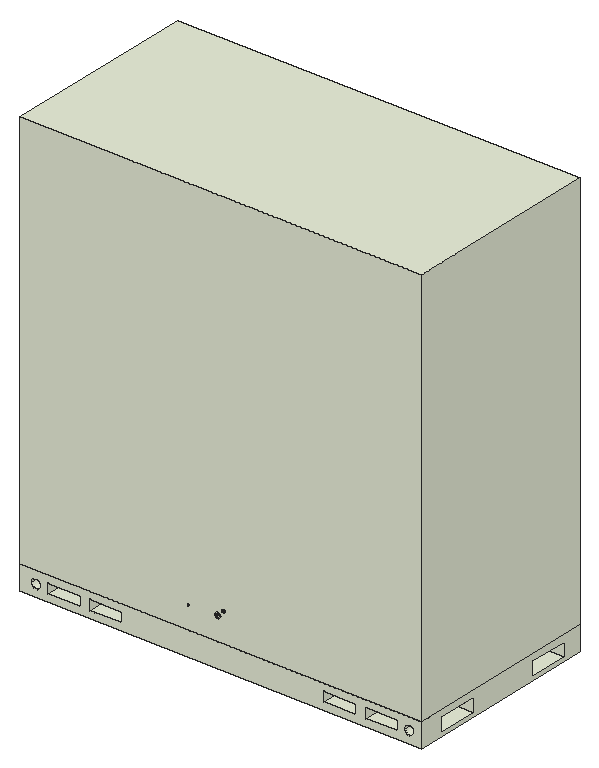
Revit family "AF5300A 67-73-79-85-90 C", category HLS-Bauteile, Revit 2017 (continued)
Automatic sketch dimensions
  curve 419 to plane 3 "中心(左/右)" = 438.269 mm
  curve 415 to curve 423 = 0.000 mm
  curve 414 to curve 229 = 175.482 mm
  curve 413 to curve 204 = 175.482 mm
  curve 203 to curve 201 = 0.000 mm
  curve 207 to curve 204 = 0.000 mm
  curve 199 to curve 197 = 0.000 mm
  curve 211 to curve 208 = 0.000 mm
  curve 215 to curve 212 = 0.000 mm
  curve 227 to curve 225 = 0.000 mm  (x2)
  curve 219 to curve 216 = 0.000 mm
  curve 224 to curve 230 = 65.000 mm
  curve 219 to curve 219 = 65.000 mm
  curve 215 to curve 218 = 65.000 mm
  curve 204 to curve 205 = 65.000 mm
  curve 211 to curve 214 = 65.000 mm
  curve 195 to curve 195 = 65.000 mm
  curve 202 to curve 197 = 0.000 mm
  curve 207 to curve 205 = 0.000 mm
  curve 240 to plane 3 "中心(左/右)" = 23.656 mm
  curve 232 to plane 3 "中心(左/右)" = 23.656 mm
  plane 3 "中心(左/右)" to curve 404 = 474.418 mm
  curve 404 to curve 406 = 0.000 mm
  plane 3 "中心(左/右)" to curve 403 = 474.418 mm
  curve 414 to curve 412 = 106.918 mm
  curve 417 to curve 414 = 136.731 mm
  curve 194 to curve 229 = 79.138 mm
  curve 194 to curve 193 = 96.926 mm
  curve 404 to plane 3 "中心(左/右)" = 5.582 mm
  curve 402 to plane 3 "中心(左/右)" = 5.582 mm
  curve 407 to plane 3 "中心(左/右)" = 5.582 mm
  curve 406 to plane 3 "中心(左/右)" = 5.582 mm
  curve 401 to plane 3 "中心(左/右)" = 5.582 mm
  plane 3 "中心(左/右)" to curve 400 = 113.074 mm
  curve 231 to curve 235 = 106.918 mm
  curve 237 to curve 404 = 18.074 mm
  curve 238 to curve 406 = 18.074 mm
  curve 240 to curve 407 = 18.074 mm
  curve 232 to curve 401 = 18.074 mm
  curve 234 to curve 402 = 18.074 mm
  curve 2 to curve 3 = 0.000 mm  (x2)
  curve 2 to curve 4 = 0.000 mm  (x2)
  curve 2 to curve 5 = 0.000 mm  (x2)
  curve 2 to curve 11 = 0.000 mm  (x2)
  curve 3 to curve 4 = 0.000 mm  (x2)
  curve 3 to curve 5 = 0.000 mm  (x2)
  curve 3 to curve 11 = 0.000 mm  (x2)
  curve 4 to curve 5 = 0.000 mm  (x2)
  curve 4 to curve 11 = 0.000 mm  (x2)
  curve 5 to curve 11 = 0.000 mm  (x2)
  curve 7 to curve 8 = 0.000 mm  (x2)
  curve 7 to curve 9 = 0.000 mm  (x2)
  curve 7 to curve 10 = 0.000 mm  (x2)
  curve 7 to curve 12 = 0.000 mm  (x2)
  curve 8 to curve 9 = 0.000 mm  (x2)
  curve 8 to curve 10 = 0.000 mm  (x2)
  curve 8 to curve 12 = 0.000 mm  (x2)
  curve 9 to curve 10 = 0.000 mm  (x2)
  curve 9 to curve 12 = 0.000 mm  (x2)
  curve 10 to curve 12 = 0.000 mm  (x2)
  curve 18 to plane 9 = 0.000 mm
  curve 17 to plane 10 = 0.000 mm
  curve 20 to plane 11 = 0.000 mm
  plane 3 "中心(左/右)" to curve 17 = 625.000 mm
  curve 16 to plane 1 "中心(前/后)" = 2.000 mm
  curve 16 to plane 9 = 72.500 mm
  plane 10 to curve 31 = 144.000 mm
  curve 27 to level = 0.000 mm
  curve 27 to plane 11 = 0.000 mm
  curve 26 to plane 10 = 0.000 mm
  level to curve 26 = 1830.000 mm
  curve 113 to plane 1 "中心(前/后)" = 211.629 mm
  level to curve 113 = 1580.245 mm
  plane 10 to curve 110 = 173.629 mm
  curve 112 to curve 110 = 180.000 mm
  Extrusion 2 to curve 25 = 0.000 mm
  curve 25 to Extrusion 2 = 0.000 mm
  curve 25 to Extrusion 2 = 104.000 mm
  level to curve 410 = 104.000 mm
  level to curve 409 = 104.000 mm
  level to curve 192 = 126.000 mm
  curve 191 to curve 192 = 0.000 mm
  curve 410 to curve 399 = 121.000 mm
  curve 394 to curve 399 = 0.000 mm
  curve 389 to plane 3 "中心(左/右)" = 24.073 mm
  curve 389 to curve 394 = 0.000 mm
  curve 399 to curve 398 = 20.000 mm
  curve 394 to curve 393 = 20.000 mm
  curve 389 to curve 388 = 20.000 mm
  curve 388 to curve 387 = 20.000 mm
  curve 398 to curve 397 = 20.000 mm
  curve 393 to curve 392 = 20.000 mm
  curve 392 to curve 391 = 20.000 mm
  curve 387 to curve 386 = 20.000 mm
  curve 397 to curve 396 = 20.000 mm
  curve 391 to curve 390 = 20.000 mm
  curve 396 to curve 395 = 20.000 mm
  curve 386 to curve 385 = 20.000 mm
  curve 395 to curve 384 = 15.000 mm
  curve 390 to curve 379 = 15.000 mm
  curve 385 to curve 374 = 15.000 mm
  curve 384 to curve 383 = 20.000 mm
  curve 379 to curve 378 = 20.000 mm
  curve 374 to curve 373 = 20.000 mm
  curve 373 to curve 372 = 20.000 mm
  curve 378 to curve 377 = 20.000 mm
  curve 383 to curve 382 = 20.000 mm
  curve 377 to curve 376 = 20.000 mm
  curve 382 to curve 381 = 20.000 mm
  curve 372 to curve 371 = 20.000 mm
  curve 381 to curve 380 = 20.000 mm
  curve 376 to curve 375 = 20.000 mm
  curve 371 to curve 370 = 20.000 mm
  curve 380 to curve 369 = 15.946 mm
  curve 375 to curve 364 = 15.946 mm
  curve 370 to curve 359 = 15.946 mm
  curve 364 to curve 363 = 20.000 mm
  curve 369 to curve 368 = 20.000 mm
  curve 359 to curve 358 = 20.000 mm
  curve 368 to curve 367 = 20.000 mm
  curve 358 to curve 357 = 20.000 mm
  curve 363 to curve 362 = 20.000 mm
  curve 367 to curve 366 = 20.000 mm
  curve 357 to curve 356 = 20.000 mm
  curve 362 to curve 361 = 20.000 mm
  curve 361 to curve 360 = 20.000 mm
  curve 366 to curve 365 = 20.000 mm
  curve 356 to curve 355 = 20.000 mm
  curve 365 to curve 354 = 15.000 mm
  curve 360 to curve 335 = 15.000 mm
  curve 355 to curve 316 = 15.000 mm
  curve 354 to curve 353 = 20.000 mm
  curve 335 to curve 334 = 20.000 mm
  curve 316 to curve 315 = 20.000 mm
  curve 334 to curve 333 = 20.000 mm
  curve 315 to curve 314 = 20.000 mm
  curve 353 to curve 352 = 20.000 mm
  curve 352 to curve 351 = 20.000 mm
  curve 333 to curve 332 = 20.000 mm
  curve 314 to curve 313 = 20.000 mm
  curve 313 to curve 312 = 20.000 mm
  curve 351 to curve 350 = 20.000 mm
  curve 332 to curve 331 = 20.000 mm
  curve 331 to curve 330 = 20.000 mm
  curve 350 to curve 349 = 20.000 mm
  curve 312 to curve 311 = 20.000 mm
  curve 349 to curve 348 = 20.000 mm
  curve 330 to curve 329 = 20.000 mm
  curve 311 to curve 310 = 20.000 mm
  curve 348 to curve 347 = 20.000 mm
  curve 329 to curve 328 = 20.000 mm
  curve 310 to curve 309 = 20.000 mm
  curve 347 to curve 346 = 20.000 mm
  curve 328 to curve 327 = 20.000 mm
  curve 309 to curve 308 = 20.000 mm
  curve 308 to curve 307 = 20.000 mm
  curve 346 to curve 345 = 20.000 mm
  curve 327 to curve 326 = 20.000 mm
  curve 345 to curve 344 = 20.000 mm
  curve 307 to curve 306 = 20.000 mm
  curve 326 to curve 325 = 20.000 mm
  curve 306 to curve 305 = 20.000 mm
  curve 344 to curve 343 = 20.000 mm
  curve 325 to curve 324 = 20.000 mm
  curve 343 to curve 342 = 20.000 mm
  curve 324 to curve 323 = 20.000 mm
  curve 305 to curve 304 = 20.000 mm
  curve 323 to curve 322 = 20.000 mm
  curve 342 to curve 341 = 20.000 mm
  curve 304 to curve 303 = 20.000 mm
  curve 341 to curve 340 = 20.000 mm
  curve 322 to curve 321 = 20.000 mm
  curve 303 to curve 302 = 20.000 mm
  curve 302 to curve 301 = 20.000 mm
  curve 321 to curve 320 = 20.000 mm
  curve 340 to curve 339 = 20.000 mm
  curve 320 to curve 319 = 20.000 mm
  curve 301 to curve 300 = 20.000 mm
  curve 339 to curve 338 = 20.000 mm
  curve 338 to curve 337 = 20.000 mm
  curve 300 to curve 299 = 20.000 mm
  curve 319 to curve 318 = 20.000 mm
  curve 318 to curve 317 = 20.000 mm
  curve 337 to curve 336 = 20.000 mm
  curve 299 to curve 298 = 20.000 mm
  curve 298 to curve 241 = 214.108 mm
  curve 317 to curve 260 = 214.108 mm
  curve 279 to curve 260 = 0.000 mm
  curve 279 to curve 280 = 20.000 mm
  curve 260 to curve 261 = 20.000 mm
  curve 241 to curve 242 = 20.000 mm
  curve 242 to curve 243 = 20.000 mm
  curve 261 to curve 262 = 20.000 mm
  curve 280 to curve 281 = 20.000 mm
  curve 262 to curve 263 = 20.000 mm
  curve 281 to curve 282 = 20.000 mm
  curve 243 to curve 244 = 20.000 mm
  curve 263 to curve 264 = 20.000 mm
  curve 244 to curve 245 = 20.000 mm
  curve 282 to curve 283 = 20.000 mm
  curve 283 to curve 284 = 20.000 mm
  curve 264 to curve 265 = 20.000 mm
  curve 245 to curve 246 = 20.000 mm
  curve 265 to curve 266 = 20.000 mm
  curve 246 to curve 247 = 20.000 mm
  curve 284 to curve 285 = 20.000 mm
  curve 247 to curve 248 = 20.000 mm
  curve 285 to curve 286 = 20.000 mm
  curve 266 to curve 267 = 20.000 mm
  curve 267 to curve 268 = 20.000 mm
  curve 248 to curve 249 = 20.000 mm
  curve 286 to curve 287 = 20.000 mm
  curve 249 to curve 250 = 20.000 mm
  curve 268 to curve 269 = 20.000 mm
  curve 287 to curve 288 = 20.000 mm
  curve 250 to curve 251 = 20.000 mm
  curve 269 to curve 270 = 20.000 mm
  curve 288 to curve 289 = 20.000 mm
  curve 251 to curve 252 = 20.000 mm
  curve 270 to curve 271 = 20.000 mm
  curve 289 to curve 290 = 20.000 mm
  curve 271 to curve 272 = 20.000 mm
  curve 290 to curve 291 = 20.000 mm
  curve 252 to curve 253 = 20.000 mm
  curve 291 to curve 292 = 20.000 mm
  curve 272 to curve 273 = 20.000 mm
  curve 253 to curve 254 = 20.000 mm
  curve 254 to curve 255 = 20.000 mm
  curve 292 to curve 293 = 20.000 mm
  curve 273 to curve 274 = 20.000 mm
  curve 293 to curve 294 = 20.000 mm
  curve 255 to curve 256 = 20.000 mm
  curve 274 to curve 275 = 20.000 mm
  curve 275 to curve 276 = 20.000 mm
  curve 256 to curve 257 = 20.000 mm
  curve 294 to curve 295 = 20.000 mm
  curve 295 to curve 296 = 20.000 mm
  curve 276 to curve 277 = 20.000 mm
  curve 257 to curve 258 = 20.000 mm
  curve 277 to curve 278 = 20.000 mm
  curve 258 to curve 259 = 20.000 mm
  curve 296 to curve 297 = 20.000 mm
  curve 409 to plane 9 = 90.000 mm
  curve 259 to curve 409 = 384.946 mm
  curve 259 to curve 191 = 384.946 mm
  curve 297 to curve 410 = 384.946 mm
  curve 192 to curve 191 = 0.000 mm
  curve 192 to plane 3 "中心(左/右)" = 295.000 mm
  curve 192 to curve 191 = 55.000 mm
  curve 242 to plane 3 "中心(左/右)" = 204.073 mm
  curve 357 to plane 3 "中心(左/右)" = 204.073 mm
  curve 242 to curve 243 = 0.000 mm  (x2)
  curve 358 to curve 357 = 0.000 mm  (x2)
  curve 243 to curve 244 = 0.000 mm  (x2)
  curve 359 to curve 358 = 0.000 mm  (x2)
  curve 244 to curve 245 = 0.000 mm  (x2)
  curve 370 to curve 359 = 0.000 mm  (x2)
  curve 245 to curve 246 = 0.000 mm  (x2)
  curve 371 to curve 370 = 0.000 mm  (x2)
  curve 246 to curve 247 = 0.000 mm
  curve 357 to curve 316 = 0.000 mm
  curve 247 to curve 248 = 0.000 mm  (x2)
  curve 316 to curve 315 = 0.000 mm
  curve 248 to curve 249 = 0.000 mm  (x2)
  curve 315 to curve 314 = 0.000 mm  (x2)
  curve 249 to curve 250 = 0.000 mm  (x2)
  curve 314 to curve 313 = 0.000 mm  (x2)
  curve 250 to curve 251 = 0.000 mm  (x2)
  curve 313 to curve 312 = 0.000 mm  (x2)
  curve 251 to curve 252 = 0.000 mm  (x2)
  curve 312 to curve 311 = 0.000 mm  (x2)
  curve 252 to curve 253 = 0.000 mm  (x2)
  curve 357 to curve 356 = 0.000 mm  (x2)
  curve 253 to curve 254 = 0.000 mm  (x2)
  curve 311 to curve 309 = 0.000 mm
  curve 254 to curve 255 = 0.000 mm
  curve 309 to curve 308 = 0.000 mm  (x2)
  curve 255 to curve 256 = 0.000 mm  (x2)
  curve 308 to curve 307 = 0.000 mm  (x2)
  curve 256 to curve 257 = 0.000 mm  (x2)
  curve 307 to curve 306 = 0.000 mm  (x2)
  curve 257 to curve 258 = 0.000 mm  (x2)
  curve 306 to curve 305 = 0.000 mm  (x2)
  curve 258 to curve 259 = 0.000 mm  (x2)
  curve 305 to curve 304 = 0.000 mm  (x2)
  curve 304 to curve 303 = 0.000 mm  (x2)
  curve 303 to curve 302 = 0.000 mm  (x2)
  curve 302 to curve 301 = 0.000 mm  (x2)
  curve 301 to curve 300 = 0.000 mm  (x2)
  curve 300 to curve 299 = 0.000 mm  (x2)
  curve 299 to curve 298 = 0.000 mm  (x2)
  curve 372 to curve 371 = 0.000 mm  (x2)
  curve 373 to curve 372 = 0.000 mm  (x2)
  curve 374 to curve 373 = 0.000 mm
  curve 355 to curve 316 = 0.000 mm  (x2)
  curve 385 to curve 374 = 0.000 mm  (x2)
  curve 386 to curve 385 = 0.000 mm  (x2)
  curve 387 to curve 386 = 0.000 mm  (x2)
  curve 388 to curve 387 = 0.000 mm  (x2)
  curve 389 to curve 388 = 0.000 mm  (x2)
  curve 241 to curve 242 = 0.000 mm  (x2)
  curve 310 to curve 309 = 0.000 mm  (x2)
  curve 255 to plane 3 "中心(左/右)" = 24.073 mm
  curve 247 to plane 3 "中心(左/右)" = 24.073 mm
  curve 355 to plane 3 "中心(左/右)" = 24.073 mm
  curve 315 to plane 3 "中心(左/右)" = 24.073 mm
  curve 241 to plane 3 "中心(左/右)" = 24.073 mm
  curve 356 to curve 355 = 0.000 mm
  curve 311 to curve 310 = 0.000 mm
  plane 3 "中心(左/右)" to curve 375 = 35.927 mm
  plane 3 "中心(左/右)" to curve 264 = 35.927 mm
  plane 3 "中心(左/右)" to curve 330 = 35.927 mm
  curve 330 to curve 329 = 0.000 mm  (x2)
  curve 331 to curve 330 = 0.000 mm  (x2)
  curve 263 to curve 264 = 0.000 mm  (x2)
  curve 329 to curve 328 = 0.000 mm  (x2)
  curve 332 to curve 331 = 0.000 mm  (x2)
  curve 262 to curve 263 = 0.000 mm  (x2)
  curve 333 to curve 332 = 0.000 mm  (x2)
  curve 328 to curve 327 = 0.000 mm  (x2)
  plane 3 "中心(左/右)" to curve 378 = 35.927 mm
  curve 261 to curve 262 = 0.000 mm  (x2)
  curve 334 to curve 333 = 0.000 mm  (x2)
  curve 327 to curve 326 = 0.000 mm  (x2)
  curve 379 to curve 378 = 0.000 mm  (x2)
  curve 260 to curve 261 = 0.000 mm  (x2)
  curve 335 to curve 334 = 0.000 mm  (x2)
  curve 264 to curve 265 = 0.000 mm  (x2)
  curve 265 to curve 266 = 0.000 mm  (x2)
  curve 266 to curve 267 = 0.000 mm  (x2)
  curve 390 to curve 379 = 0.000 mm  (x2)
  curve 391 to curve 390 = 0.000 mm  (x2)
  curve 392 to curve 391 = 0.000 mm  (x2)
  curve 375 to curve 364 = 0.000 mm  (x2)
  curve 393 to curve 392 = 0.000 mm  (x2)
  curve 376 to curve 375 = 0.000 mm  (x2)
  curve 364 to curve 363 = 0.000 mm  (x2)
  curve 394 to curve 393 = 0.000 mm  (x2)
  curve 363 to curve 362 = 0.000 mm  (x2)
  curve 362 to curve 361 = 0.000 mm  (x2)
  curve 267 to curve 268 = 0.000 mm  (x2)
  curve 360 to curve 335 = 0.000 mm  (x2)
  plane 3 "中心(左/右)" to curve 278 = 35.927 mm
  curve 277 to curve 278 = 0.000 mm  (x2)
  curve 276 to curve 277 = 0.000 mm  (x2)
  curve 275 to curve 276 = 0.000 mm  (x2)
  curve 274 to curve 275 = 0.000 mm  (x2)
  curve 273 to curve 274 = 0.000 mm  (x2)
  curve 272 to curve 273 = 0.000 mm  (x2)
  curve 271 to curve 272 = 0.000 mm  (x2)
  curve 270 to curve 271 = 0.000 mm  (x2)
  curve 268 to curve 269 = 0.000 mm
  curve 377 to curve 376 = 0.000 mm  (x2)
  plane 3 "中心(左/右)" to curve 317 = 35.927 mm
  curve 326 to curve 325 = 0.000 mm  (x2)
  curve 318 to curve 317 = 0.000 mm  (x2)
  curve 325 to curve 324 = 0.000 mm  (x2)
  curve 319 to curve 318 = 0.000 mm  (x2)
  curve 324 to curve 323 = 0.000 mm  (x2)
  curve 320 to curve 319 = 0.000 mm  (x2)
  curve 323 to curve 322 = 0.000 mm  (x2)
  curve 321 to curve 320 = 0.000 mm  (x2)
  curve 321 to curve 321 = 180.000 mm
  curve 322 to curve 321 = 0.000 mm
  curve 260 to curve 260 = 180.000 mm
  curve 375 to curve 375 = 180.000 mm
  curve 378 to curve 377 = 0.000 mm
  curve 278 to curve 278 = 180.000 mm
  curve 269 to curve 270 = 0.000 mm
  curve 329 to curve 348 = 60.000 mm
  curve 394 to curve 399 = 60.000 mm
  curve 349 to curve 348 = 0.000 mm
  curve 399 to curve 398 = 0.000 mm  (x2)
  curve 350 to curve 349 = 0.000 mm  (x2)
  curve 398 to curve 397 = 0.000 mm  (x2)
  curve 351 to curve 350 = 0.000 mm  (x2)
  curve 397 to curve 396 = 0.000 mm  (x2)
  curve 352 to curve 351 = 0.000 mm  (x2)
  curve 396 to curve 395 = 0.000 mm  (x2)
  curve 353 to curve 352 = 0.000 mm  (x2)
  curve 261 to curve 280 = 60.000 mm
  curve 354 to curve 353 = 0.000 mm  (x2)
  curve 280 to curve 281 = 0.000 mm  (x2)
  curve 281 to curve 282 = 0.000 mm  (x2)
  curve 348 to curve 347 = 0.000 mm  (x2)
  curve 282 to curve 283 = 0.000 mm  (x2)
  curve 347 to curve 346 = 0.000 mm  (x2)
  curve 283 to curve 284 = 0.000 mm  (x2)
  curve 346 to curve 345 = 0.000 mm  (x2)
  curve 284 to curve 285 = 0.000 mm  (x2)
  curve 345 to curve 344 = 0.000 mm  (x2)
  curve 285 to curve 286 = 0.000 mm  (x2)
  curve 344 to curve 343 = 0.000 mm  (x2)
  curve 286 to curve 287 = 0.000 mm  (x2)
  curve 343 to curve 342 = 0.000 mm  (x2)
  curve 287 to curve 288 = 0.000 mm  (x2)
  curve 342 to curve 341 = 0.000 mm  (x2)
  curve 288 to curve 289 = 0.000 mm  (x2)
  curve 341 to curve 340 = 0.000 mm  (x2)
  curve 395 to curve 384 = 0.000 mm  (x2)
  curve 340 to curve 339 = 0.000 mm  (x2)
  curve 384 to curve 383 = 0.000 mm  (x2)
  curve 339 to curve 338 = 0.000 mm  (x2)
  curve 365 to curve 354 = 0.000 mm  (x2)
  curve 383 to curve 382 = 0.000 mm  (x2)
  curve 366 to curve 365 = 0.000 mm  (x2)
  curve 382 to curve 381 = 0.000 mm  (x2)
  curve 367 to curve 366 = 0.000 mm  (x2)
  curve 381 to curve 380 = 0.000 mm  (x2)
  curve 368 to curve 367 = 0.000 mm  (x2)
  curve 289 to curve 290 = 0.000 mm  (x2)
  curve 380 to curve 369 = 0.000 mm  (x2)
  curve 290 to curve 291 = 0.000 mm  (x2)
  curve 291 to curve 292 = 0.000 mm  (x2)
  curve 338 to curve 337 = 0.000 mm  (x2)
  curve 292 to curve 293 = 0.000 mm  (x2)
  curve 337 to curve 336 = 0.000 mm  (x2)
  curve 293 to curve 294 = 0.000 mm  (x2)
  curve 294 to curve 297 = 0.000 mm
  curve 279 to curve 280 = 0.000 mm  (x2)
  curve 296 to curve 297 = 0.000 mm  (x2)
  curve 294 to curve 295 = 0.017 mm
  curve 296 to curve 296 = 180.000 mm
  curve 294 to curve 296 = 0.000 mm
  curve 336 to curve 336 = 180.000 mm
  curve 369 to curve 369 = 180.000 mm
  curve 369 to curve 368 = 0.000 mm
  curve 294 to curve 295 = 0.000 mm
  curve 297 to curve 410 = 97.148 mm
  curve 28 to Extrusion 2 = 0.000 mm
  curve 28 to Extrusion 2 = 100.000 mm
  Extrusion 2 to curve 28 = 6.000 mm
  plane 12 to curve 426 = 0.000 mm
  plane 9 to curve 426 = 0.000 mm
  plane 1 "中心(前/后)" to curve 463 = 115.543 mm
  level to curve 463 = 1639.106 mm
  plane 1 "中心(前/后)" to curve 466 = 140.543 mm
  curve 462 to curve 466 = 0.000 mm
  curve 461 to curve 460 = 3.982 mm
  plane 1 "中心(前/后)" to curve 456 = 9.433 mm
  curve 457 to curve 456 = 3.597 mm
  curve 457 to curve 460 = 8.597 mm
  curve 452 to curve 449 = 5.612 mm
  curve 449 to curve 441 = 0.062 mm
  curve 441 to curve 436 = 2.886 mm
  curve 435 to curve 436 = 0.000 mm
  curve 462 to curve 463 = 25.000 mm
  curve 473 to curve 448 = 20.000 mm
  curve 464 to curve 469 = 9.154 mm
  curve 448 to curve 445 = 5.856 mm
  curve 435 to curve 435 = 30.000 mm
  curve 436 to curve 436 = 30.000 mm
  plane 1 "中心(前/后)" to curve 452 = 15.690 mm
  curve 452 to curve 452 = 39.508 mm
  plane 1 "中心(前/后)" to curve 455 = 9.658 mm
  curve 452 to curve 455 = 2.716 mm
  curve 469 to curve 459 = 21.985 mm
  curve 444 to curve 444 = 19.891 mm
  curve 452 to curve 451 = 14.630 mm
  curve 458 to curve 459 = 7.843 mm
  curve 457 to curve 470 = 1.018 mm
  curve 470 to curve 474 = 0.000 mm
  curve 447 to curve 441 = 6.336 mm
  curve 451 to curve 451 = 5.000 mm
  curve 452 to curve 454 = 4.310 mm
  curve 454 to curve 456 = 0.690 mm
  curve 443 to curve 473 = 9.186 mm
  curve 443 to curve 473 = 0.592 mm
  curve 436 to curve 440 = 9.091 mm
  curve 434 to curve 438 = 0.000 mm
  curve 472 to curve 445 = 2.072 mm
  curve 439 to curve 436 = 9.091 mm
  curve 472 to curve 450 = 0.072 mm
  curve 442 to curve 450 = 0.000 mm  (x2)
  curve 472 to curve 447 = 0.150 mm
  curve 442 to curve 442 = 27.739 mm
  curve 442 to curve 450 = 5.246 mm
  curve 465 to curve 463 = 20.000 mm
  curve 474 to curve 474 = 5.000 mm
  curve 474 to curve 470 = 20.000 mm
  curve 470 to curve 461 = 5.000 mm
  curve 461 to curve 459 = 22.076 mm
  curve 455 to curve 452 = 18.124 mm
  curve 448 to plane 1 "中心(前/后)" = 62.565 mm
  curve 448 to curve 445 = 1.085 mm
  curve 444 to curve 449 = 1.085 mm
  curve 449 to curve 441 = 3.881 mm
  curve 441 to curve 436 = 51.227 mm
  curve 436 to curve 435 = 40.000 mm
  curve 450 to plane 1 "中心(前/后)" = 23.615 mm
  curve 443 to curve 445 = 5.083 mm
  curve 440 to curve 438 = 10.877 mm
  curve 438 to curve 434 = 9.123 mm
  curve 434 to curve 437 = 9.123 mm
  curve 115 to curve 114 = 350.311 mm
  curve 430 to plane 9 = 365.574 mm
  level to curve 430 = 1205.054 mm
  curve 432 to plane 9 = 457.040 mm
  curve 475 to plane 9 = 0.000 mm
  curve 475 to plane 12 = 0.000 mm
  curve 432 to curve 430 = 0.000 mm
  curve 433 to curve 432 = 120.000 mm
  curve 433 to curve 430 = 60.000 mm
  curve 475 to curve 431 = 237.570 mm
  curve 431 to curve 429 = 20.000 mm
  curve 427 to curve 431 = 0.000 mm
  curve 428 to curve 431 = 20.000 mm
  curve 428 to curve 433 = 43.670 mm
  curve 433 to curve 427 = 2.063 mm
  curve 427 to curve 431 = 2.063 mm
  level to curve 426 = 1530.969 mm
  radius of Extrusion 4 sketch curve = 20.000 mm  (x2)
  radius of curve 1 = 200.000 mm
  radius of curve 2 = 160.000 mm
  radius of curve 3 = 120.000 mm
  radius of curve 4 = 80.000 mm
  radius of curve 5 = 40.000 mm
  radius of curve 6 = 200.000 mm
  radius of curve 7 = 160.000 mm
  radius of curve 8 = 120.000 mm
  radius of curve 9 = 80.000 mm
  radius of curve 10 = 40.000 mm
  radius of curve 11 = 245.734 mm
  radius of Sweep 5 sketch curve = 3.000 mm
  radius of Sweep 5 sketch curve = 2.031 mm
  radius of Sweep 6 sketch curve = 11.100 mm
  radius of Sweep 6 sketch curve = 7.972 mm
  radius of Sweep 7 sketch curve = 7.950 mm
  radius of Sweep 7 sketch curve = 5.000 mm
  radius of Extrusion 10 sketch curve = 10.000 mm
  radius of curve 434 = 40.000 mm
  radius of curve 427 = 120.000 mm
Nested families
  nested 1: "Service Space" at (-1105, -1382, 0), Height <- "Height", visible <- "clearance", type "Service Space"
    with Width 1730.000 mm, Height 1830.000 mm, Depth 1000.000 mm
  nested 2: "Service Space" at (625, -382, 0), Height <- "Height", visible <- "clearance", type "Service Space"
    with Width 1000.000 mm, Height 1830.000 mm, Depth 850.000 mm
  nested 3: "Service Space" at (-1105, 468, 0), Height <- "Height", visible <- "clearance", type "Service Space"
    with Width 1730.000 mm, Height 1830.000 mm, Depth 1000.000 mm
  nested 4: "Service Space" at (-2105, -382, 0), Height <- "Height", visible <- "clearance", type "Service Space"
    with Width 1000.000 mm, Height 1830.000 mm, Depth 850.000 mm
  nested 5: "Left Icon" at (1730, 0, 0), type "AF5300A 67-3"
    with clearance no, Net Weight 430.00 kg, Minimum Circuit Amps 48.4 A, Maximum Fuse Amps 70 A, Liquid pipe 19.100 mm, Heating Power Input 14.900 kW, Heating Capacity 67.000 kW, Gas pipe 31.800 mm, Cooling Power Input 18.100 kW, Cooling Capacity 67.000 kW, Air Flow 25000.000 m³/h
Connectors
  piping at (-253.566, -382, 205), diameter 38.1, driven by "Gas pipe"
    settings: on Sweep 6, index 16, connector inside diameter 31.8 mm, connector length 0.000 mm, flow factor 0, pipe flow 0.0 L/s, pressure drop 0.0 Pa, fitting loss kfactor 0, connector angle 0.00°, fixture units 0, engagement length 0.000 mm, angle of deflection 0.00°, flow configuration 1, flow direction 0, fitting loss method 4, system type 22, joint type 0, gender type 0, connector reference index -1, connector utility 0, adjustable connector no, is connector primary yes, connector description "Gas pipe"
  piping at (-229.489, -382, 230), diameter 22.2, driven by "Liquid pipe"
    settings: on Sweep 7, index 17, connector inside diameter 22.2 mm, connector length 0.000 mm, flow factor 0, pipe flow 0.0 L/s, pressure drop 0.0 Pa, fitting loss kfactor 0, connector angle 0.00°, fixture units 0, engagement length 0.000 mm, angle of deflection 0.00°, flow configuration 1, flow direction 0, fitting loss method 4, system type 22, joint type 0, gender type 0, connector reference index -1, connector utility 0, adjustable connector no, is connector primary no, connector description "Liquid pipe"
Definition of nested family "Service Space"
  Parameters
    Width [instance] = 500.000 mm
    Height [instance] = 500.000 mm
    Depth [instance] = 500.000 mm
  Reference planes
    plane 1 "Center (Front/Back)": y = 0
    plane 2: z = 0
    plane 3 "Center (Left/Right)": x = 0
    plane 4: z = 500
    plane 5: y = 500
    plane 6: x = 500
  Forms (mm)
    Extrusion 1, solid
      sketch origin (0, 0, 0) x (1, 0, 0) y (0, 1, 0)
        loop
          line (0, 500) -> (0, 0) -> (500, 0) -> (500, 500) -> (0, 500)
      from 0 to 500
  Dimensions and locks
    "Width": plane 3 "Center (Left/Right)" to plane 6
    "Depth": plane 5 to plane 1 "Center (Front/Back)"
    "Height": level to plane 4
    aligned and locked: level to plane 2
    aligned and locked: plane 5 to Extrusion 1
    aligned and locked: Extrusion 1 to plane 6
    aligned and locked: Extrusion 1 to plane 3 "Center (Left/Right)"
    aligned and locked: plane 1 "Center (Front/Back)" to Extrusion 1
    aligned and locked: Extrusion 1 to plane 4
  Automatic sketch dimensions
    Extrusion 1 sketch curve to plane 3 "Center (Left/Right)" = 0.000 mm
    plane 1 "Center (Front/Back)" to Extrusion 1 sketch curve = 0.000 mm
    Extrusion 1 sketch curve to plane 6 = 0.000 mm
    Extrusion 1 sketch curve to plane 5 = 0.000 mm
Definition of nested family "Left Icon"
  Parameters
    clearance access right = 1000.000 mm
    clearance access left = 1000.000 mm
    clearance access front = 1000.000 mm
    clearance access behind = 1000.000 mm
    clearance [instance] = no
    Width = 1730.000 mm
    URL = ""
    Series = "VRF"
    Power supply = "380-415V 3N~50Hz/60Hz"
    Net Weight = 475.00 kg
    Model = "AF5300A 90-3"
    Minimum Circuit Amps = 66.9 A
    Maximum Fuse Amps = 80 A
    Manufacturer = "Midea"
    Machine material = none
    Liquid pipe = 22.200 mm
    Installation = "Outdoor installation"
    Height = 1830.000 mm
    Heating Power Input = 25.700 kW
    Heating Capacity = 90.000 kW
    Gas pipe = 38.100 mm
    Gas = "R410A"
    Description = "High efficiency air cooled"
    Depth = 850.000 mm
    Cooling Power Input = 31.000 kW
    Cooling Capacity = 90.000 kW
    Condensation = "Air"
    Compressor = "2"
    Casing color = "White"
    Air Flow = 24000.000 m³/h
  Reference planes
    plane 1 "中心(前/后)": y = 0
    plane 2: z = 0
    plane 3 "中心(左/右)": x = 0
    plane 4: x = -1105
    plane 5: y = -382
    plane 6: y = 468
    plane 7: x = 625
  Lines and regions (mm)
    model lines, detail levels medium+fine
      curve 1: line (-1105, 211.629, 1760.245) -> (-1105, -208.371, 1760.245)
      curve 2: line (-1105, -208.371, 1760.245) -> (-1105, -208.371, 1580.245)
      curve 3: line (-1105, -208.371, 1580.245) -> (-1105, 211.629, 1580.245)
      curve 4: line (-1105, 211.629, 1580.245) -> (-1105, 211.629, 1760.245)
      curve 5: circle (-1105, -151.584, 1670.245) r 40 normal (-1, 0, 0)
      curve 6: line (-1105, -171.584, 1685.245) -> (-1105, -171.584, 1655.245)
      curve 7: line (-1105, -131.584, 1685.245) -> (-1105, -131.584, 1655.245)
      curve 8: arc (-1105, -171.584, 1685.245) -> (-1105, -179.236, 1670.245) -> (-1105, -171.584, 1655.245) r 18.528
      curve 9: arc (-1105, -131.584, 1685.245) -> (-1105, -123.933, 1670.245) -> (-1105, -131.584, 1655.245) r 18.528
      curve 10: line (-1105, -171.584, 1676.154) -> (-1105, -131.584, 1676.154)
      curve 11: line (-1105, -171.584, 1664.337) -> (-1105, -131.584, 1664.337)
      curve 12: line (-1105, -80.357, 1704.381) -> (-1105, -80.357, 1652.36)
      curve 13: arc (-1105, -55.309, 1676.082) -> (-1105, -54.876, 1650.538) -> (-1105, -80.357, 1652.36) r 17.317
      curve 14: line (-1105, -75.392, 1698.045) -> (-1105, -75.392, 1678.154)
      curve 15: line (-1105, -75.392, 1678.154) -> (-1105, -60.392, 1678.154)
      curve 16: line (-1105, -75.392, 1678.154) -> (-1105, -75.392, 1698.045)
      curve 17: spline (-1105, -75.392, 1698.045) -> (-1105, -72.752, 1699.504) -> (-1105, -69.782, 1700.185) -> (-1105, -66.682, 1700.043) -> (-1105, -63.665, 1699.087) -> (-1105, -60.936, 1697.382) -> (-1105, -58.681, 1695.045) -> (-1105, -57.054, 1692.234) -> (-1105, -56.165, 1689.142) -> (-1105, -56.076, 1685.978) -> (-1105, -56.791, 1682.959) -> (-1105, -58.263, 1680.29) -> (-1105, -60.392, 1678.154)
      curve 18: line (-1105, -76.476, 1672.298) -> (-1105, -59.307, 1672.298)
      curve 19: line (-1105, -76.476, 1672.298) -> (-1105, -76.476, 1652.298)
      curve 20: arc (-1105, -80.357, 1704.381) -> (-1105, -56.028, 1700.68) -> (-1105, -55.309, 1676.082) r 19.207
      curve 21: arc (-1105, -76.476, 1652.298) -> (-1105, -59.397, 1655.005) -> (-1105, -59.307, 1672.298) r 13.355
      curve 22: spline (-1105, -20.357, 1703.893) -> (-1105, -17.122, 1702.948) -> (-1105, -14.107, 1700.177) -> (-1105, -11.518, 1695.768) -> (-1105, -9.532, 1690.023) -> (-1105, -8.283, 1683.333) -> (-1105, -7.857, 1676.154) -> (-1105, -8.283, 1668.975) -> (-1105, -9.532, 1662.284) -> (-1105, -11.518, 1656.539) -> (-1105, -14.107, 1652.131) -> (-1105, -17.122, 1649.36) -> (-1105, -20.357, 1648.415) -> (-1105, -23.593, 1649.36) -> (-1105, -26.607, 1652.131) -> (-1105, -29.196, 1656.539) -> (-1105, -31.183, 1662.284) -> (-1105, -32.431, 1668.975) -> (-1105, -32.857, 1676.154) -> (-1105, -32.431, 1683.333) -> (-1105, -31.183, 1690.023) -> (-1105, -29.196, 1695.768) -> (-1105, -26.607, 1700.177) -> (-1105, -23.593, 1702.948) -> (-1105, -20.357, 1703.893)
      curve 23: spline (-1105, -20.357, 1709.139) -> (-1105, -16.216, 1708.015) -> (-1105, -12.357, 1704.72) -> (-1105, -9.044, 1699.478) -> (-1105, -6.501, 1692.647) -> (-1105, -4.902, 1684.691) -> (-1105, -4.357, 1676.154) -> (-1105, -4.902, 1667.617) -> (-1105, -6.501, 1659.661) -> (-1105, -9.044, 1652.83) -> (-1105, -12.357, 1647.588) -> (-1105, -16.216, 1644.293) -> (-1105, -20.357, 1643.169) -> (-1105, -24.498, 1644.293) -> (-1105, -28.357, 1647.588) -> (-1105, -31.671, 1652.83) -> (-1105, -34.214, 1659.661) -> (-1105, -35.812, 1667.617) -> (-1105, -36.357, 1676.154) -> (-1105, -35.812, 1684.691) -> (-1105, -34.214, 1692.647) -> (-1105, -31.671, 1699.478) -> (-1105, -28.357, 1704.72) -> (-1105, -24.498, 1708.015) -> (-1105, -20.357, 1709.139)
      curve 24: line (-1105, 37.072, 1705.823) -> (-1105, 37.072, 1700.823)
      curve 25: line (-1105, 18.948, 1686.193) -> (-1105, 12.691, 1646.685)
      curve 26: line (-1105, 18.948, 1686.193) -> (-1105, 37.072, 1700.823)
      curve 27: line (-1105, 12.916, 1688.909) -> (-1105, 12.916, 1650.995)
      curve 28: line (-1105, 12.916, 1688.909) -> (-1105, 37.072, 1705.823)
      curve 29: line (-1105, 12.691, 1646.685) -> (-1105, 12.691, 1651.685)
      curve 30: arc (-1105, 91.725, 1703.088) -> (-1105, 61.725, 1673.088) -> (-1105, 91.725, 1643.088) r 30
      curve 31: arc (-1105, 91.725, 1695.245) -> (-1105, 69.945, 1673.465) -> (-1105, 91.725, 1651.685) r 21.78
      curve 32: line (-1105, 91.725, 1703.088) -> (-1105, 91.725, 1695.245)
      curve 33: line (-1105, 91.725, 1651.685) -> (-1105, 91.725, 1643.088)
      curve 34: line (-1105, 113.801, 1704.106) -> (-1105, 113.801, 1639.106)
      curve 35: line (-1105, 113.801, 1639.106) -> (-1105, 118.801, 1639.106)
      curve 36: line (-1105, 118.801, 1639.106) -> (-1105, 118.801, 1664.106)
      curve 37: line (-1105, 118.801, 1664.106) -> (-1105, 138.801, 1664.106)
      curve 38: line (-1105, 138.801, 1664.106) -> (-1105, 138.801, 1639.106)
      curve 39: line (-1105, 143.801, 1639.106) -> (-1105, 143.801, 1704.106)
      curve 40: line (-1105, 138.801, 1704.106) -> (-1105, 138.801, 1673.26)
      curve 41: line (-1105, 138.801, 1673.26) -> (-1105, 118.801, 1673.26)
      curve 42: line (-1105, 118.801, 1673.26) -> (-1105, 118.801, 1704.106)
      curve 43: line (-1105, 118.801, 1704.106) -> (-1105, 113.801, 1704.106)
      curve 44: line (-1105, 143.801, 1704.106) -> (-1105, 138.801, 1704.106)
      curve 45: line (-1105, 138.801, 1639.106) -> (-1105, 143.801, 1639.106)
  Dimensions and locks
    aligned and locked: level to plane 2
Types (5, lengths in mm): name | Net Weight | Modell | Minimum Circuit Amps | Maximum Fuse Amps | Liquid pipe | Heating Power Input | Heating Capacity | Gas pipe | Cooling Power Input | Cooling Capacity | Air Flow max
  AF5300A 67 C-3 | 430.00 kg | "AF5300A 67 C-3" | 48.4 A | 70 A | 19.100 | 14.900 kW | 67.000 kW | 31.800 | 18.100 kW | 67.000 kW | 25000.000 m³/h
  AF5300A 73 C-3 | 430.00 kg | "AF5300A 73 C-3" | 52.9 A | 70 A | 22.200 | 17.600 kW | 73.000 kW | 31.800 | 20.900 kW | 73.000 kW | 25000.000 m³/h
  AF5300A 79 C-3 | 430.00 kg | "AF5300A 79 C-3" | 58.7 A | 70 A | 22.200 | 20.700 kW | 78.500 kW | 31.800 | 24.200 kW | 78.500 kW | 25000.000 m³/h
  AF5300A 85 C-3 | 475.00 kg | "AF5300A 85 C-3" | 64.9 A | 80 A | 22.200 | 23.000 kW | 85.000 kW | 38.100 | 27.400 kW | 85.000 kW | 24000.000 m³/h
  AF5300A 90 C-3 | 475.00 kg | "AF5300A 90 C-3" | 66.9 A | 80 A | 22.200 | 25.700 kW | 90.000 kW | 38.100 | 31.000 kW | 90.000 kW | 24000.000 m³/h
